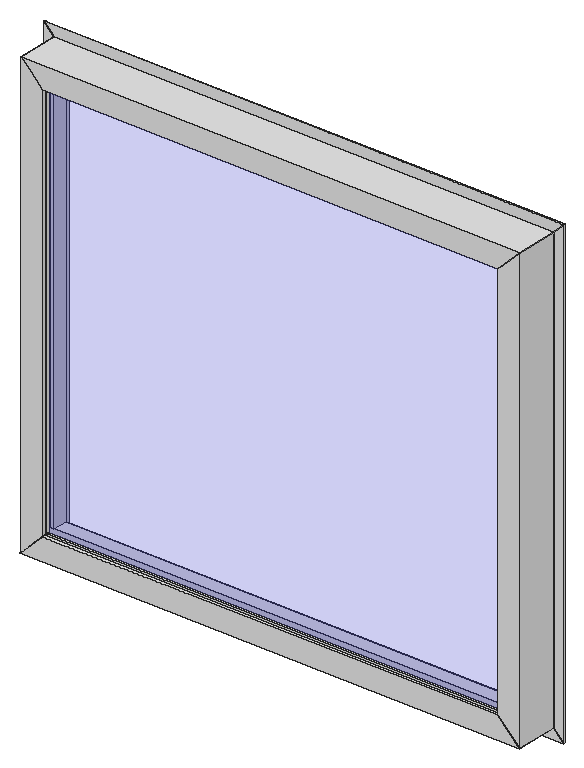
Revit family "511_PW_DBS_nailfin", category Windows, host Wall, Revit 2019
Family settings
  Host = Wall
  OmniClass Number = 23.30.20.00
  OmniClass Title = Windows
  Always vertical = Yes
  Cut with Voids When Loaded = No
  Shared = No
  Room Calculation Point = No
Parameters (values of type "54x48")
  Setback [instance] = 0"
  MLW = 1 / 8 * Width  # 6 3/4"
  Interior Color [instance] = White
  Height = 48"
  Exterior Color [instance] = White
  Default Sill Height = 31.49606"
  Wall Closure = By host
  Width = 54"
Types (188): name | MLW | Height | Width
  (no name) | 6 3/4" | 48" | 54"
  24x24 | 3" | 24" | 24"
  60x60 | 7 1/2" | 60" | 60"
  12x12Min | 1 1/2" | 12" | 12"
  60x120Max | 7 1/2" | 120" | 60"
  72x100Max | 9" | 100" | 72"
  36x36 | 4 1/2" | 36" | 36"
  48x48 | 6" | 48" | 48"
  72x72 | 9" | 72" | 72"
  84x84 | 10 1/2" | 84" | 84"
  12x24 | 1 1/2" | 24" | 12"
  12x30 | 1 1/2" | 30" | 12"
  12x36 | 1 1/2" | 36" | 12"
  12x42 | 1 1/2" | 42" | 12"
  12x48 | 1 1/2" | 48" | 12"
  12x54 | 1 1/2" | 54" | 12"
  12x60 | 1 1/2" | 60" | 12"
  24x12 | 3" | 12" | 24"
  24x30 | 3" | 30" | 24"
  12x18 | 1 1/2" | 18" | 12"
  24x18 | 3" | 18" | 24"
  24x36 | 3" | 36" | 24"
  24x42 | 3" | 42" | 24"
  24x48 | 3" | 48" | 24"
  24x54 | 3" | 54" | 24"
  24x60 | 3" | 60" | 24"
  24x66 | 3" | 66" | 24"
  24x72 | 3" | 72" | 24"
  24x78 | 3" | 78" | 24"
  30x12 | 3 3/4" | 12" | 30"
  18x12 | 2 1/4" | 12" | 18"
  18x18 | 2 1/4" | 18" | 18"
  18x24 | 2 1/4" | 24" | 18"
  18x30 | 2 1/4" | 30" | 18"
  18x36 | 2 1/4" | 36" | 18"
  18x42 | 2 1/4" | 42" | 18"
  18x48 | 2 1/4" | 48" | 18"
  18x54 | 2 1/4" | 54" | 18"
  18x60 | 2 1/4" | 60" | 18"
  18x66 | 2 1/4" | 66" | 18"
  30x18 | 3 3/4" | 18" | 30"
  30x24 | 3 3/4" | 24" | 30"
  30x30 | 3 3/4" | 30" | 30"
  30x36 | 3 3/4" | 36" | 30"
  30x42 | 3 3/4" | 42" | 30"
  30x48 | 3 3/4" | 48" | 30"
  30x54 | 3 3/4" | 54" | 30"
  30x60 | 3 3/4" | 60" | 30"
  30x66 | 3 3/4" | 66" | 30"
  30x72 | 3 3/4" | 72" | 30"
  30x78 | 3 3/4" | 78" | 30"
  30x84 | 3 3/4" | 84" | 30"
  30x90 | 3 3/4" | 90" | 30"
  30x96 | 3 3/4" | 96" | 30"
  36x12 | 4 1/2" | 12" | 36"
  36x18 | 4 1/2" | 18" | 36"
  36x24 | 4 1/2" | 24" | 36"
  36x30 | 4 1/2" | 30" | 36"
  36x42 | 4 1/2" | 42" | 36"
  36x48 | 4 1/2" | 48" | 36"
  36x54 | 4 1/2" | 54" | 36"
  36x60 | 4 1/2" | 60" | 36"
  36x66 | 4 1/2" | 66" | 36"
  36x72 | 4 1/2" | 72" | 36"
  36x78 | 4 1/2" | 78" | 36"
  36x84 | 4 1/2" | 84" | 36"
  36x90 | 4 1/2" | 90" | 36"
  36x96 | 4 1/2" | 96" | 36"
  36x102 | 4 1/2" | 102" | 36"
  42x12 | 5 1/4" | 12" | 42"
  42x18 | 5 1/4" | 18" | 42"
  42x24 | 5 1/4" | 24" | 42"
  42x30 | 5 1/4" | 30" | 42"
  42x36 | 5 1/4" | 36" | 42"
  42x42 | 5 1/4" | 42" | 42"
  42x48 | 5 1/4" | 48" | 42"
  42x54 | 5 1/4" | 54" | 42"
  42x60 | 5 1/4" | 60" | 42"
  42x66 | 5 1/4" | 66" | 42"
  42x72 | 5 1/4" | 72" | 42"
  42x78 | 5 1/4" | 78" | 42"
  42x84 | 5 1/4" | 84" | 42"
  42x90 | 5 1/4" | 90" | 42"
  42x96 | 5 1/4" | 96" | 42"
  42x102 | 5 1/4" | 102" | 42"
  42x108 | 5 1/4" | 108" | 42"
  42x114 | 5 1/4" | 114" | 42"
  42x120 | 5 1/4" | 120" | 42"
  48x12 | 6" | 12" | 48"
  48x18 | 6" | 18" | 48"
  48x24 | 6" | 24" | 48"
  48x30 | 6" | 30" | 48"
  48x36 | 6" | 36" | 48"
  48x42 | 6" | 42" | 48"
  48x54 | 6" | 54" | 48"
  48x60 | 6" | 60" | 48"
  48x66 | 6" | 66" | 48"
  48x72 | 6" | 72" | 48"
  48x78 | 6" | 78" | 48"
  48x84 | 6" | 84" | 48"
  48x90 | 6" | 90" | 48"
  48x96 | 6" | 96" | 48"
  48x102 | 6" | 102" | 48"
  48x108 | 6" | 108" | 48"
  48x114 | 6" | 114" | 48"
  48x120 | 6" | 120" | 48"
  54x12 | 6 3/4" | 12" | 54"
  54x18 | 6 3/4" | 18" | 54"
  54x24 | 6 3/4" | 24" | 54"
  54x30 | 6 3/4" | 30" | 54"
  54x36 | 6 3/4" | 36" | 54"
  54x42 | 6 3/4" | 42" | 54"
  54x48 | 6 3/4" | 48" | 54"
  54x54 | 6 3/4" | 54" | 54"
  54x60 | 6 3/4" | 60" | 54"
  54x66 | 6 3/4" | 66" | 54"
  54x72 | 6 3/4" | 72" | 54"
  54x78 | 6 3/4" | 78" | 54"
  54x84 | 6 3/4" | 84" | 54"
  54x90 | 6 3/4" | 90" | 54"
  54x96 | 6 3/4" | 96" | 54"
  54x102 | 6 3/4" | 102" | 54"
  54x108 | 6 3/4" | 108" | 54"
  54x114 | 6 3/4" | 114" | 54"
  54x120 | 6 3/4" | 120" | 54"
  60x18 | 7 1/2" | 18" | 60"
  60x24 | 7 1/2" | 24" | 60"
  60x30 | 7 1/2" | 30" | 60"
  60x36 | 7 1/2" | 36" | 60"
  60x42 | 7 1/2" | 42" | 60"
  60x48 | 7 1/2" | 48" | 60"
  60x54 | 7 1/2" | 54" | 60"
  60x66 | 7 1/2" | 66" | 60"
  60x72 | 7 1/2" | 72" | 60"
  60x78 | 7 1/2" | 78" | 60"
  60x84 | 7 1/2" | 84" | 60"
  60x90 | 7 1/2" | 90" | 60"
  60x96 | 7 1/2" | 96" | 60"
  60x102 | 7 1/2" | 102" | 60"
  60x108 | 7 1/2" | 108" | 60"
  60x114 | 7 1/2" | 114" | 60"
  66x24 | 8 1/4" | 24" | 66"
  66x30 | 8 1/4" | 30" | 66"
  66x36 | 8 1/4" | 36" | 66"
  66x42 | 8 1/4" | 42" | 66"
  66x48 | 8 1/4" | 48" | 66"
  66x54 | 8 1/4" | 54" | 66"
  66x60 | 8 1/4" | 60" | 66"
  66x66 | 8 1/4" | 66" | 66"
  66x72 | 8 1/4" | 72" | 66"
  66x78 | 8 1/4" | 78" | 66"
  66x84 | 8 1/4" | 84" | 66"
  66x90 | 8 1/4" | 90" | 66"
  66x96 | 8 1/4" | 96" | 66"
  66x102 | 8 1/4" | 102" | 66"
  66x108 | 8 1/4" | 108" | 66"
  72x30 | 9" | 30" | 72"
  72x36 | 9" | 36" | 72"
  72x42 | 9" | 42" | 72"
  72x48 | 9" | 48" | 72"
  72x54 | 9" | 54" | 72"
  72x60 | 9" | 60" | 72"
  72x66 | 9" | 66" | 72"
  72x78 | 9" | 78" | 72"
  72x84 | 9" | 84" | 72"
  72x90 | 9" | 90" | 72"
  72x96 | 9" | 96" | 72"
  78x90 | 9 3/4" | 90" | 78"
  78x36 | 9 3/4" | 36" | 78"
  78x42 | 9 3/4" | 42" | 78"
  78x48 | 9 3/4" | 48" | 78"
  78x54 | 9 3/4" | 54" | 78"
  78x60 | 9 3/4" | 60" | 78"
  78x66 | 9 3/4" | 66" | 78"
  78x72 | 9 3/4" | 72" | 78"
  78x78 | 9 3/4" | 78" | 78"
  78x84 | 9 3/4" | 84" | 78"
  84x42 | 10 1/2" | 42" | 84"
  84x48 | 10 1/2" | 48" | 84"
  84x54 | 10 1/2" | 54" | 84"
  84x60 | 10 1/2" | 60" | 84"
  84x66 | 10 1/2" | 66" | 84"
  84x72 | 10 1/2" | 72" | 84"
  84x78 | 10 1/2" | 78" | 84"
  90x78 | 11 1/4" | 78" | 90"
  90x60 | 11 1/4" | 60" | 90"
  90x66 | 11 1/4" | 66" | 90"
  90x72 | 11 1/4" | 72" | 90"
Reference planes (in)
  plane 1 "Center (Front/Back)": y = 0
  plane 2 "Center (Left/Right)": x = 0
  plane 3 "Left": x = -27
  plane 4 "Right": x = 27
  plane 5 "Sill": z = 31.49606
  plane 6 "Head": z = 79.49606
  plane 7 "Exterior": y = 3.93701
  plane 8 "Interior": y = -3.93701
  plane 9 "Front of wall": y = 3.93701
  plane 10: z = 33.55806
  plane 11: z = 77.45106
  plane 12: x = -24.955
  plane 13: x = 24.937
  plane 14 "Offset": y = 3.93701
Forms (in)
  Extrusion 1, solid, material "White" <- "Interior Color"
    sketch origin (0, 0, 0) x (0, -1, 0) y (0, 0, 1)
      loop
        line (0.60987, 31.49606) -> (0.60987, 33.87204) -> (0.23471, 33.87204) -> (0.23471, 34.06012) -> (-0.01589, 34.06012) -> (-0.01589, 33.55991) -> (-0.7607, 33.55991) -> (-0.7607, 34.06348) -> (-2.29427, 34.06348) -> (-2.29427, 32.14843) -> (-2.95095, 32.05614) -> (-5.39261, 31.92812) -> (-5.39261, 31.49606) -> (-4.01704, 31.49606) -> (-4.01704, 30.3706) -> (-3.93701, 30.3706) -> (-3.93701, 31.49606) -> (0.60987, 31.49606)
    from -28.12546 to 28.12546
  Extrusion 2, solid, material "White" <- "Interior Color"
    sketch origin (0, 0, 0) x (0, -1, 0) y (0, 0, 1)
      loop
        line (0.60987, 79.49606) -> (-3.93701, 79.49606) -> (-3.93701, 80.62153) -> (-4.01704, 80.62153) -> (-4.01704, 79.49606) -> (-5.39261, 79.49606) -> (-5.39261, 79.064) -> (-2.95095, 78.93598) -> (-2.29427, 78.84369) -> (-2.29427, 76.92865) -> (-0.7607, 76.92865) -> (-0.7607, 77.43221) -> (-0.01589, 77.43221) -> (-0.01589, 76.93201) -> (0.23471, 76.93201) -> (0.23471, 77.12008) -> (0.60987, 77.12008) -> (0.60987, 79.49606)
    from -28.12546 to 28.12546
  Extrusion 3, solid, material "White" <- "Interior Color"
    sketch origin (0, 0, 31.49606) x (0, -1, 0) y (1, 0, 0)
      loop
        line (0.60987, -27) -> (0.60987, -24.62402) -> (0.23471, -24.62402) -> (0.23471, -24.43594) -> (-0.01589, -24.43594) -> (-0.01589, -24.93615) -> (-0.7607, -24.93615) -> (-0.7607, -24.43259) -> (-2.29427, -24.43259) -> (-2.29427, -26.34763) -> (-2.95095, -26.43992) -> (-5.39261, -26.56794) -> (-5.39261, -27) -> (-4.01704, -27) -> (-4.01704, -28.12546) -> (-3.93701, -28.12546) -> (-3.93701, -27) -> (0.60987, -27)
    from -1.12546 to 49.12546
  Extrusion 4, solid, material "White" <- "Interior Color"
    sketch origin (0, 0, 31.49606) x (0, -1, 0) y (1, 0, 0)
      loop
        line (0.60987, 27) -> (-3.93701, 27) -> (-3.93701, 28.12546) -> (-4.01704, 28.12546) -> (-4.01704, 27) -> (-5.39261, 27) -> (-5.39261, 26.56794) -> (-2.95095, 26.43992) -> (-2.29427, 26.34763) -> (-2.29427, 24.43259) -> (-0.7607, 24.43259) -> (-0.7607, 24.93615) -> (-0.01589, 24.93615) -> (-0.01589, 24.43594) -> (0.23471, 24.43594) -> (0.23471, 24.62402) -> (0.60987, 24.62402) -> (0.60987, 27)
    from -1.12546 to 49.12546
  Sweep 5, void
    path in 3D
      loop
        line (24.35727, 6.43701, 79.49606) -> (24.35727, 0.43701, 79.49606)
    profile origin (24.35727, 3.43701, 79.49606) x (1, 0, 0) y (0, 0, 1)
      loop
        line (4.34438, 1.70165) -> (-0.40226, 1.70165) -> (-0.40226, -2.54835) -> (1.99063, -2.54835) -> (1.99063, -0.6521) -> (4.34438, 1.70165)
  Sweep 6, void
    path in 3D
      loop
        line (24.35727, 6.43701, 79.49606) -> (24.35727, 0.43701, 79.49606)
    profile origin (24.35727, 3.43701, 79.49606) x (1, 0, 0) y (0, 0, 1)
      loop
        line (1.99063, -0.6521) -> (1.99063, -3.22812) -> (4.24063, -3.22812) -> (4.24063, 1.5979) -> (1.99063, -0.6521)
  Sweep 7, void
    path in 3D
      loop
        line (-21.97555, 8.68701, 79.49606) -> (-21.97555, 0.43701, 79.49606)
    profile origin (-21.97555, 4.56201, 79.49606) x (1, 0, 0) y (0, 0, 1)
      loop
        line (-6.4761, 1.45165) -> (-4.37235, -0.6521) -> (-4.37235, -2.54835) -> (-2.05006, -2.54835) -> (-2.05006, 1.45165) -> (-6.4761, 1.45165)
  Sweep 8, void
    path in 3D
      loop
        line (-21.97555, 8.68701, 79.49606) -> (-21.97555, 0.43701, 79.49606)
    profile origin (-21.97555, 4.56201, 79.49606) x (1, 0, 0) y (0, 0, 1)
      loop
        line (-7.10729, 2.08284) -> (-7.10729, -3.32175) -> (-4.37235, -3.03429) -> (-4.37235, -0.6521) -> (-7.10729, 2.08284)
  Sweep 9, void
    path in 3D
      loop
        line (-20.47555, 9.43701, 31.49606) -> (-20.47555, 0.43701, 31.49606)
    profile origin (-20.47555, 4.93701, 31.49606) x (1, 0, 0) y (0, 0, 1)
      loop
        line (-8.06956, -1.54511) -> (-3.49602, -1.54511) -> (-3.49602, 2.56621) -> (-5.87235, 2.56621) -> (-5.87235, 0.6521) -> (-8.06956, -1.54511)
  Sweep 10, void
    path in 3D
      loop
        line (-20.47555, 9.43701, 31.49606) -> (-20.47555, 0.43701, 31.49606)
    profile origin (-20.47555, 4.93701, 31.49606) x (1, 0, 0) y (0, 0, 1)
      loop
        line (-5.87235, 0.6521) -> (-5.87235, 2.9021) -> (-8.03999, 2.9021) -> (-8.03999, -1.51554) -> (-5.87235, 0.6521)
  Sweep 11, void
    path in 3D
      loop
        line (22.85727, 7.43701, 31.49606) -> (22.85727, 0.43701, 31.49606)
    profile origin (22.85727, 3.93701, 31.49606) x (1, 0, 0) y (0, 0, 1)
      loop
        line (5.62605, -1.48331) -> (3.49063, 0.6521) -> (3.49063, 2.56621) -> (1.24063, 2.56621) -> (1.24063, -1.48331) -> (5.62605, -1.48331)
  Sweep 12, void
    path in 3D
      loop
        line (22.85727, 7.43701, 31.49606) -> (22.85727, 0.43701, 31.49606)
    profile origin (22.85727, 3.93701, 31.49606) x (1, 0, 0) y (0, 0, 1)
      loop
        line (5.80857, -1.66584) -> (5.80857, 3.1521) -> (3.49063, 3.1521) -> (3.49063, 0.6521) -> (5.80857, -1.66584)
  Extrusion 13, void
    sketch origin (0, 3.93701, 0) x (1, 0, 0) y (0, 0, 1)
      loop
        line (-29.08284, 81.5789) -> (-29.08284, 76.13731) -> (-23.64124, 76.13731) -> (-29.08284, 81.5789)
    from 3.5 to 19.25
  Extrusion 14, void
    sketch origin (0, 3.93701, 0) x (1, 0, 0) y (0, 0, 1)
      loop
        line (-24.13892, 76.63498) -> (-24.13892, 81.74399) -> (-29.24792, 81.74399) -> (-24.13892, 76.63498)
    from 3.5 to 19.25
  Extrusion 15, void
    sketch origin (0, 3.93701, 0) x (1, 0, 0) y (0, 0, 1)
      loop
        line (29, 81.49606) -> (23.64124, 81.49606) -> (23.64124, 76.13731) -> (29, 81.49606)
    from 3.5 to 19.25
  Extrusion 16, void
    sketch origin (0, 3.93701, 0) x (1, 0, 0) y (0, 0, 1)
      loop
        line (30.25984, 82.75591) -> (23.81802, 76.31408) -> (30.25984, 76.31408) -> (30.25984, 82.75591)
    from 3.5 to 19.25
  Extrusion 17, void
    sketch origin (0, 3.93701, 0) x (1, 0, 0) y (0, 0, 1)
      loop
        line (23.47253, 35.02353) -> (23.47253, 28.8536) -> (29.64247, 28.8536) -> (23.47253, 35.02353)
    from 3.5 to 19.25
  Extrusion 18, void
    sketch origin (0, 3.93701, 0) x (1, 0, 0) y (0, 0, 1)
      loop
        line (29.25984, 29.23622) -> (29.25984, 34.67804) -> (23.81802, 34.67804) -> (29.25984, 29.23622)
    from 3.5 to 19.25
  Extrusion 19, void
    sketch origin (0, 3.93701, 0) x (1, 0, 0) y (0, 0, 1)
      loop
        line (-23.97981, 34.53411) -> (-30.17084, 34.53411) -> (-30.17084, 28.34308) -> (-23.97981, 34.53411)
    from 3.5 to 19.25
  Extrusion 20, void
    sketch origin (0, 3.93701, 0) x (1, 0, 0) y (0, 0, 1)
      loop
        line (-24.21929, 34.29463) -> (-29.51786, 28.99606) -> (-24.21929, 28.99606) -> (-24.21929, 34.29463)
    from 3.5 to 19.25
  Extrusion 21, solid, material "Glass"
    sketch origin (0, 0, 0) x (0, -1, 0) y (0, 0, 1)
      loop
        line (-0.7607, 77.45106) -> (-0.7607, 33.55806) -> (-0.01589, 33.55806) -> (-0.01589, 77.45106) -> (-0.7607, 77.45106)
    from -24.937 to 24.955
Cuts and joins
  Sweep 5, Sweep 11, Extrusion 15, Extrusion 17 cuts Extrusion 4
  Sweep 6, Sweep 8, Extrusion 13, Extrusion 16 cuts Extrusion 2
  Sweep 7, Sweep 9, Extrusion 14, Extrusion 20 cuts Extrusion 3
  Sweep 10, Sweep 12, Extrusion 18, Extrusion 19 cuts Extrusion 1
Lines and regions (in)
  Opening 1
    outline origin (137.79528, -3.93701, 0) x (1, 0, 0) y (0, 0, 1)
      loop
        line (-110.79528, 31.49606) -> (-110.79528, 79.49606) -> (-164.79528, 79.49606) -> (-164.79528, 31.49606) -> (-110.79528, 31.49606)
  reference lines
    curve 1: line (-21.97555, 8.68701, 79.49606) -> (-21.97555, 0.43701, 79.49606)
    curve 2: line (-20.47555, 9.43701, 31.49606) -> (-20.47555, 0.43701, 31.49606)
    curve 3: line (22.85727, 7.43701, 31.49606) -> (22.85727, 0.43701, 31.49606)
    curve 4: line (24.35727, 6.43701, 79.49606) -> (24.35727, 0.43701, 79.49606)
    curve 13: line (2.5, 3.93701, 57.99606) -> (-2.5, 3.93701, 57.99606)
    curve 14: line (2.5, 3.93701, 52.99606) -> (2.5, 3.93701, 57.99606)
    curve 15: line (-2.5, 3.93701, 52.99606) -> (2.5, 3.93701, 52.99606)
    curve 16: line (-2.5, 3.93701, 57.99606) -> (-2.5, 3.93701, 52.99606)
    curve 20: line (0, 3.93701, 52.99606) -> (0, 3.93701, 59.49606)
    curve 21: line (2.5, 3.93701, 55.49606) -> (-5, 3.93701, 55.49606)
    curve 22: line (2.5, 0, 57.99606) -> (-2.5, 0, 57.99606)
    curve 23: line (2.5, 0, 52.99606) -> (2.5, 0, 57.99606)
    curve 24: line (-2.5, 0, 52.99606) -> (2.5, 0, 52.99606)
    curve 25: line (-2.5, 0, 57.99606) -> (-2.5, 0, 52.99606)
    curve 26: line (0, 0, 52.99606) -> (0, 0, 60.49606)
    curve 27: line (2.5, 0, 55.49606) -> (-4.5, 0, 55.49606)
  sketch lines
    curve 5: line (24.35727, 6.43701, 79.49606) -> (24.35727, 0.43701, 79.49606)
    curve 6: line (24.35727, 6.43701, 79.49606) -> (24.35727, 0.43701, 79.49606)
    curve 7: line (-21.97555, 8.68701, 79.49606) -> (-21.97555, 0.43701, 79.49606)
    curve 8: line (-21.97555, 8.68701, 79.49606) -> (-21.97555, 0.43701, 79.49606)
    curve 9: line (-20.47555, 9.43701, 31.49606) -> (-20.47555, 0.43701, 31.49606)
    curve 10: line (-20.47555, 9.43701, 31.49606) -> (-20.47555, 0.43701, 31.49606)
    curve 11: line (22.85727, 7.43701, 31.49606) -> (22.85727, 0.43701, 31.49606)
    curve 12: line (22.85727, 7.43701, 31.49606) -> (22.85727, 0.43701, 31.49606)
  model lines
    curve 17: line (2.5, 3.93701, 57.99606) -> (-2.5, 3.93701, 52.99606)
    curve 18: line (-2.5, 3.93701, 55.49606) -> (0, 3.93701, 57.99606)
    curve 19: line (0, 3.93701, 52.99606) -> (2.5, 3.93701, 55.49606)
    curve 31: line (117.70943, 19.41983, 123.95134) -> (117.27737, 19.41983, 123.95134)
  symbolic lines
    curve 28: line (0, 0, 52.99606) -> (2.5, 0, 55.49606)
    curve 29: line (0, 0, 57.99606) -> (-2.5, 0, 55.49606)
    curve 30: line (-2.5, 0, 52.99606) -> (2.5, 0, 57.99606)
    curve 32: line (117.27737, 19.41983, 123.95134) -> (117.14935, 16.97818, 123.95134)
Text (in)
  text "EXTERIOR" at (-77.29147, 52.45485, 0), in view "Ref. Level"
  text "INTERIOR" at (-78.01048, -32.21994, 0), in view "Ref. Level"
  text "Exterior" at (0, 36.36817, 115.8778), in view "Right"
  text "Exterior" at (0, 40.96394, 105.72475), in view "Left"
Dimensions and locks (in)
  equal spacing: plane 3 "Left", plane 2 "Center (Left/Right)", plane 4 "Right"
  "Width": plane 3 "Left" to plane 4 "Right"
  "Height": plane 5 "Sill" to plane 6 "Head"
  "Default Sill Height": plane 5 "Sill" to level
  locked: plane 7 "Exterior" to host wall at 0
  locked: plane 8 "Interior" to host wall
  locked: plane 5 "Sill" to plane 10 at 2.062
  locked: plane 11 to plane 6 "Head" at 2.045
  locked: plane 13 to plane 4 "Right" at 2.063
  locked: plane 3 "Left" to plane 12 at 2.045
  equal spacing: curve 18, curve 17, curve 19
  locked: curve 14 to curve 16 at 5
  locked: curve 15 to curve 13 at 5
  equal spacing: curve 16, curve 20, curve 14
  equal spacing: curve 15, curve 21, curve 13
  equal spacing: plane 5 "Sill", curve 21, plane 6 "Head"
  equal spacing: plane 3 "Left", curve 20, plane 4 "Right"
  locked: curve 23 to curve 25 at 5
  locked: curve 24 to curve 22 at 5
  equal spacing: curve 25, curve 26, curve 23
  equal spacing: curve 24, curve 27, curve 22
  locked: curve 25 to curve 29 at 2.5
  locked: curve 25 to curve 28 at 2.5
  locked: curve 28 to curve 24 at 2.5
  locked: curve 29 to curve 24 at 2.5
  locked: curve 23 to curve 30 at 5
  equal spacing: plane 6 "Head", curve 27, plane 5 "Sill"
  equal spacing: plane 3 "Left", curve 26, plane 4 "Right"
  "Setback": plane 9 "Front of wall" to plane 14 "Offset"
  locked: Extrusion 4 sketch curve to plane 14 "Offset" at 0.08003
  locked: Extrusion 4 sketch curve to plane 14 "Offset" at 1.4556
  locked: plane 14 "Offset" to Extrusion 4 sketch curve at 0.98606
  locked: plane 14 "Offset" to Extrusion 4 sketch curve at 1.64274
  locked: plane 14 "Offset" to Extrusion 4 sketch curve at 3.17631
  locked: plane 14 "Offset" to Extrusion 4 sketch curve at 3.92112
  locked: plane 14 "Offset" to Extrusion 4 sketch curve at 4.17172
  locked: plane 14 "Offset" to Extrusion 4 sketch curve at 4.54687
  locked: Extrusion 4 sketch curve to plane 4 "Right" at 0.43206
  locked: Extrusion 4 sketch curve to plane 4 "Right" at 0.56008
  locked: Extrusion 4 sketch curve to plane 4 "Right" at 0.65237
  locked: Extrusion 4 sketch curve to plane 4 "Right" at 2.56741
  locked: Extrusion 4 sketch curve to plane 4 "Right" at 2.06385
  locked: Extrusion 4 sketch curve to plane 4 "Right" at 2.56406
  locked: Extrusion 4 sketch curve to plane 4 "Right" at 2.37598
  locked: Extrusion 3 sketch curve to plane 14 "Offset" at 0.08003
  locked: Extrusion 3 sketch curve to plane 14 "Offset" at 1.4556
  locked: plane 14 "Offset" to Extrusion 3 sketch curve at 0.98606
  locked: plane 14 "Offset" to Extrusion 3 sketch curve at 1.64274
  locked: plane 14 "Offset" to Extrusion 3 sketch curve at 3.17631
  locked: plane 14 "Offset" to Extrusion 3 sketch curve at 3.92112
  locked: plane 14 "Offset" to Extrusion 3 sketch curve at 4.17172
  locked: plane 14 "Offset" to Extrusion 3 sketch curve at 4.54687
  locked: plane 3 "Left" to Extrusion 3 sketch curve at 0.43206
  locked: plane 3 "Left" to Extrusion 3 sketch curve at 0.56008
  locked: plane 3 "Left" to Extrusion 3 sketch curve at 0.65237
  locked: plane 3 "Left" to Extrusion 3 sketch curve at 2.56741
  locked: plane 3 "Left" to Extrusion 3 sketch curve at 2.06385
  locked: plane 3 "Left" to Extrusion 3 sketch curve at 2.37598
  locked: plane 3 "Left" to Extrusion 3 sketch curve at 2.56406
  locked: Extrusion 2 sketch curve to plane 14 "Offset" at 0.08003
  locked: Extrusion 2 sketch curve to plane 14 "Offset" at 1.4556
  locked: plane 14 "Offset" to Extrusion 2 sketch curve at 0.98606
  locked: plane 14 "Offset" to Extrusion 2 sketch curve at 1.64274
  locked: plane 14 "Offset" to Extrusion 2 sketch curve at 3.17631
  locked: plane 14 "Offset" to Extrusion 2 sketch curve at 3.92112
  locked: plane 14 "Offset" to Extrusion 2 sketch curve at 4.17172
  locked: plane 14 "Offset" to Extrusion 2 sketch curve at 4.54687
  locked: Extrusion 2 sketch curve to plane 6 "Head" at 0.43206
  locked: Extrusion 2 sketch curve to plane 6 "Head" at 0.56008
  locked: Extrusion 2 sketch curve to plane 6 "Head" at 0.65237
  locked: Extrusion 2 sketch curve to plane 6 "Head" at 2.56741
  locked: Extrusion 2 sketch curve to plane 6 "Head" at 2.06385
  locked: Extrusion 2 sketch curve to plane 6 "Head" at 2.56406
  locked: Extrusion 2 sketch curve to plane 6 "Head" at 2.37598
  locked: Extrusion 1 sketch curve to plane 14 "Offset" at 0.08003
  locked: Extrusion 1 sketch curve to plane 14 "Offset" at 1.4556
  locked: plane 14 "Offset" to Extrusion 1 sketch curve at 0.98606
  locked: plane 14 "Offset" to Extrusion 1 sketch curve at 1.64274
  locked: plane 14 "Offset" to Extrusion 1 sketch curve at 3.17631
  locked: plane 14 "Offset" to Extrusion 1 sketch curve at 3.92112
  locked: plane 14 "Offset" to Extrusion 1 sketch curve at 4.17172
  locked: plane 14 "Offset" to Extrusion 1 sketch curve at 4.54687
  locked: plane 5 "Sill" to Extrusion 1 sketch curve at 0.43206
  locked: plane 5 "Sill" to Extrusion 1 sketch curve at 0.56008
  locked: plane 5 "Sill" to Extrusion 1 sketch curve at 0.65237
  locked: plane 5 "Sill" to Extrusion 1 sketch curve at 2.56741
  locked: plane 5 "Sill" to Extrusion 1 sketch curve at 2.06385
  locked: plane 5 "Sill" to Extrusion 1 sketch curve at 2.56406
  locked: plane 5 "Sill" to Extrusion 1 sketch curve at 2.37598
  locked: plane 14 "Offset" to Extrusion 21 sketch curve at 3.17631
  locked: plane 14 "Offset" to Extrusion 21 sketch curve at 3.92112
  locked: plane 14 "Offset" to curve 3 at 3.5
  locked: plane 14 "Offset" to curve 2 at 3.5
  locked: plane 14 "Offset" to curve 4 at 3.5
  locked: plane 14 "Offset" to curve 1 at 3.5
  locked: plane 14 "Offset" to Extrusion 13 at 3.5
  locked: plane 14 "Offset" to Extrusion 14 at 3.5
  locked: plane 14 "Offset" to Extrusion 15 at 3.5
  locked: plane 14 "Offset" to Extrusion 16 at 3.5
  locked: plane 14 "Offset" to Extrusion 18 at 3.5
  locked: plane 14 "Offset" to Extrusion 17 at 3.5
  locked: plane 14 "Offset" to Extrusion 19 at 3.5
  locked: plane 14 "Offset" to Extrusion 20 at 3.5
  locked: plane 6 "Head" to cut or joined group of Extrusion 4, Sweep 5, Sweep 11, Extrusion 15, Extrusion 17 at 1.12546
  locked: plane 6 "Head" to cut or joined group of Extrusion 3, Sweep 7, Sweep 9, Extrusion 14, Extrusion 20 at 1.12546
  locked: plane 4 "Right" to cut or joined group of Extrusion 2, Sweep 6, Sweep 8, Extrusion 13, Extrusion 16 at 1.12546
  locked: cut or joined group of Extrusion 2, Sweep 6, Sweep 8, Extrusion 13, Extrusion 16 to plane 3 "Left" at 1.12546
  locked: cut or joined group of Extrusion 1, Sweep 10, Sweep 12, Extrusion 18, Extrusion 19 to plane 3 "Left" at 1.12546
  locked: plane 4 "Right" to cut or joined group of Extrusion 1, Sweep 10, Sweep 12, Extrusion 18, Extrusion 19 at 1.12546
  locked: cut or joined group of Extrusion 3, Sweep 7, Sweep 9, Extrusion 14, Extrusion 20 to plane 5 "Sill" at 1.12546
  locked: cut or joined group of Extrusion 4, Sweep 5, Sweep 11, Extrusion 15, Extrusion 17 to plane 5 "Sill" at 1.12546
  aligned and locked: plane 9 "Front of wall" to host wall
  aligned and locked: plane 11 to Extrusion 21 sketch curve
  aligned and locked: plane 10 to Extrusion 21 sketch curve
  aligned and locked: Extrusion 21 to plane 13
  aligned and locked: plane 12 to Extrusion 21
  aligned and locked: curve 13 to curve 16
  aligned and locked: curve 16 to curve 16
  aligned and locked: curve 14 to curve 14
  aligned and locked: curve 16 to curve 17
  aligned and locked: curve 17 to curve 13
  aligned and locked: curve 13 to curve 18
  aligned and locked: curve 16 to curve 18
  aligned and locked: curve 15 to curve 19
  aligned and locked: curve 14 to curve 19
  aligned and locked: curve 22 to curve 25
  aligned and locked: curve 25 to curve 25
  aligned and locked: curve 23 to curve 23
  aligned and locked: curve 25 to curve 29
  aligned and locked: curve 24 to curve 28
  aligned and locked: curve 23 to curve 28
  aligned and locked: curve 22 to curve 29
  aligned and locked: curve 23 to curve 30
  aligned and locked: curve 30 to curve 24
  aligned and locked: Extrusion 4 sketch curve to plane 14 "Offset"
  aligned and locked: Extrusion 4 sketch curve to plane 4 "Right"  (x2)
  aligned and locked: plane 14 "Offset" to Extrusion 3 sketch curve
  aligned and locked: Extrusion 3 sketch curve to plane 3 "Left"  (x2)
  aligned and locked: Extrusion 2 sketch curve to plane 14 "Offset"
  aligned and locked: Extrusion 2 sketch curve to plane 6 "Head"  (x2)
  aligned and locked: Extrusion 1 sketch curve to plane 5 "Sill"  (x2)
  aligned and locked: plane 14 "Offset" to Extrusion 1 sketch curve
Automatic sketch dimensions
  profile plane to Sweep 5 sketch curve = 0.40226"
  Sweep 5 sketch curve to profile plane = 1.99063"
  Sweep 5 sketch curve to profile plane = 2.54835"
  Sweep 5 sketch curve to profile plane = 0.6521"
  Sweep 5 sketch curve to profile plane = 4.34438"
  profile plane to Sweep 5 sketch curve = 1.70165"
  Sweep 6 sketch curve to profile plane = 1.99063"
  Sweep 6 sketch curve to profile plane = 3.22812"
  Sweep 6 sketch curve to profile plane = 0.6521"
  Sweep 6 sketch curve to Sweep 6 sketch curve = 2 1/4"
  profile plane to Sweep 6 sketch curve = 1.5979"
  Sweep 7 sketch curve to profile plane = 0.6521"
  profile plane to Sweep 7 sketch curve = 4.37235"
  profile plane to Sweep 7 sketch curve = 2.05006"
  Sweep 7 sketch curve to profile plane = 2.54835"
  Sweep 7 sketch curve to Sweep 7 sketch curve = 2.10375"
  profile plane to Sweep 7 sketch curve = 1.45165"
  profile plane to Sweep 8 sketch curve = 4.37235"
  Sweep 8 sketch curve to profile plane = 3.03429"
  Sweep 8 sketch curve to profile plane = 0.6521"
  profile plane to Sweep 8 sketch curve = 2.08284"
  Sweep 8 sketch curve to Sweep 8 sketch curve = 2.73494"
  Sweep 8 sketch curve to profile plane = 3.32175"
  profile plane to Sweep 9 sketch curve = 0.6521"
  profile plane to Sweep 9 sketch curve = 5.87235"
  Sweep 9 sketch curve to Sweep 9 sketch curve = 2.37633"
  profile plane to Sweep 9 sketch curve = 2.56621"
  Sweep 9 sketch curve to profile plane = 1.54511"
  Sweep 9 sketch curve to Sweep 9 sketch curve = 2.19721"
  profile plane to Sweep 10 sketch curve = 2.9021"
  profile plane to Sweep 10 sketch curve = 5.87235"
  profile plane to Sweep 10 sketch curve = 0.6521"
  Sweep 10 sketch curve to Sweep 10 sketch curve = 2.16764"
  Sweep 10 sketch curve to profile plane = 1.51554"
  Sweep 11 sketch curve to profile plane = 1.24063"
  Sweep 11 sketch curve to Sweep 11 sketch curve = 2 1/4"
  profile plane to Sweep 11 sketch curve = 0.6521"
  profile plane to Sweep 11 sketch curve = 2.56621"
  Sweep 11 sketch curve to Sweep 11 sketch curve = 4.38541"
  Sweep 11 sketch curve to profile plane = 1.48331"
  profile plane to Sweep 12 sketch curve = 0.6521"
  Sweep 12 sketch curve to profile plane = 3.49063"
  Sweep 12 sketch curve to Sweep 12 sketch curve = 2 1/2"
  Sweep 12 sketch curve to profile plane = 1.66584"
  Sweep 12 sketch curve to Sweep 12 sketch curve = 2.31794"
  curve 17 to curve 19 = 2 1/2"
  curve 18 to curve 19 = 2 1/2"
  curve 18 to curve 17 = 2 1/2"
  curve 19 to curve 17 = 2 1/2"
  curve 13 to curve 20 = 1 1/2"
  curve 21 to curve 13 = 2 1/2"
  curve 22 to curve 26 = 2 1/2"
  curve 27 to curve 22 = 2"
  curve 30 to curve 29 = 0"
  host wall to curve 32 = 15.48283"
  curve 32 to plane 4 "Right" = 90.27737"
  host wall to curve 32 = 13.04117"
  curve 32 to curve 31 = 0.12802"
  curve 31 to curve 31 = 0.43206"
  Extrusion 4 sketch curve to Extrusion 4 sketch curve = 1.12546"
  Extrusion 3 sketch curve to Extrusion 3 sketch curve = 1.12546"
  Extrusion 2 sketch curve to Extrusion 2 sketch curve = 1.12546"
  plane 3 "Left" to Opening 1 sketch curve = 0"
  Opening 1 sketch curve to plane 4 "Right" = 0"
  Opening 1 sketch curve to plane 5 "Sill" = 0"
  Opening 1 sketch curve to plane 6 "Head" = 0"
  plane 3 "Left" to Extrusion 13 sketch curve = 2.08284"
  Extrusion 13 sketch curve to plane 12 = 1.31376"
  plane 11 to Extrusion 13 sketch curve = 1.31376"
  Extrusion 13 sketch curve to plane 6 "Head" = 2.08284"
  plane 3 "Left" to Extrusion 14 sketch curve = 2.24792"
  Extrusion 14 sketch curve to plane 12 = 0.81608"
  plane 11 to Extrusion 14 sketch curve = 0.81608"
  Extrusion 14 sketch curve to plane 6 "Head" = 2.24792"
  plane 13 to Extrusion 15 sketch curve = 1.29576"
  Extrusion 15 sketch curve to plane 4 "Right" = 2"
  plane 11 to Extrusion 15 sketch curve = 1.31376"
  Extrusion 15 sketch curve to plane 6 "Head" = 2"
  plane 13 to Extrusion 16 sketch curve = 1.11898"
  plane 11 to Extrusion 16 sketch curve = 1.13698"
  Extrusion 16 sketch curve to plane 4 "Right" = 3.25984"
  Extrusion 16 sketch curve to plane 6 "Head" = 3.25984"
  plane 13 to Extrusion 17 sketch curve = 1.46447"
  Extrusion 17 sketch curve to plane 4 "Right" = 2.64247"
  plane 5 "Sill" to Extrusion 17 sketch curve = 2.64247"
  Extrusion 17 sketch curve to plane 10 = 1.46547"
  plane 13 to Extrusion 18 sketch curve = 1.11898"
  Extrusion 18 sketch curve to plane 10 = 1.11998"
  Extrusion 18 sketch curve to plane 4 "Right" = 2.25984"
  plane 5 "Sill" to Extrusion 18 sketch curve = 2.25984"
  plane 3 "Left" to Extrusion 19 sketch curve = 3.17084"
  Extrusion 19 sketch curve to plane 12 = 0.97519"
  plane 5 "Sill" to Extrusion 19 sketch curve = 3.15298"
  Extrusion 19 sketch curve to plane 10 = 0.97605"
  plane 3 "Left" to Extrusion 20 sketch curve = 2.51786"
  Extrusion 20 sketch curve to plane 12 = 0.73571"
  plane 5 "Sill" to Extrusion 20 sketch curve = 2 1/2"
  Extrusion 20 sketch curve to plane 10 = 0.73657"
  Extrusion 1 sketch curve to Extrusion 1 sketch curve = 1.12546"
  curve 2 to plane 12 = 4.47945"
  host wall to curve 3 = 3 1/2"
  host wall to curve 2 = 5 1/2"
  plane 13 to curve 3 = 2.07973"
  curve 1 to plane 12 = 2.97945"
  plane 13 to curve 4 = 0.57973"
  host wall to curve 4 = 2 1/2"
  host wall to curve 1 = 4 3/4"
